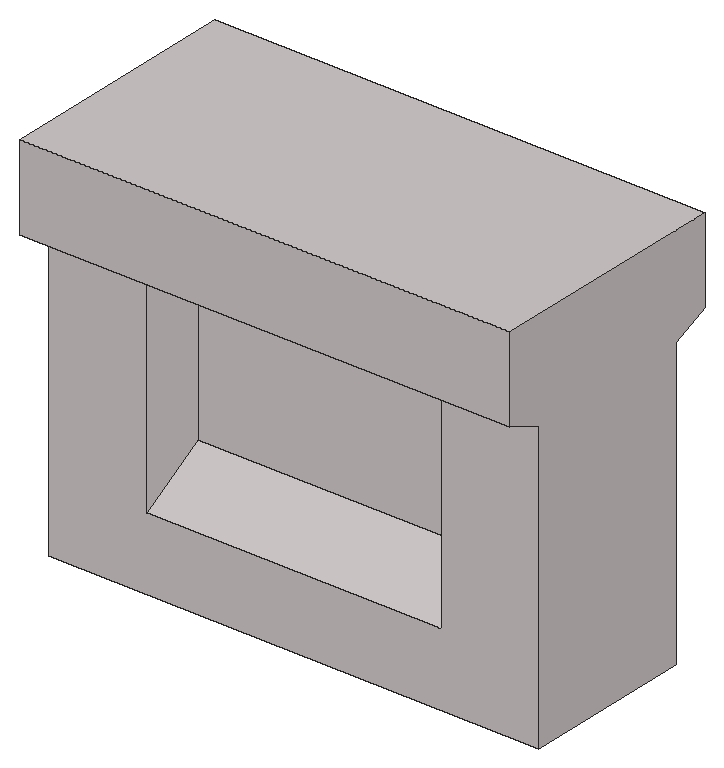
Revit family "e5faa062cfdb43aca74d8e3b99313aed", category Structural Framing, Revit 2021
Family settings
  Display in Hidden Views = Edges Hidden by Other Members
  Structural Framing Length Roundoff = 0' - 0"
  Section Shape = Not Defined
  Material for Model Behavior = Precast Concrete
  Always export as geometry = No
  OmniClass Number = 23.25.30.11.14.14
  OmniClass Title = Beams
  Seek Item ID = Precast-Girder I-Parallel-Support Strengthened-0000-USA-ENU
  Always vertical = Yes
  Cut with Voids When Loaded = No
  Symbolic Representation = From Family
  Shared = No
  Show family pre-cut in plan views = Yes
Parameters (values of type "32"x14"")
  Tie Rod Weight [instance] = 30
  Tie Rod W [instance] = (Tie Rod Weight) * 2.20313 kip / 1000  # 0.0660938 kip
  Structural Material [instance] = Concrete, Precast
  Single Rebar Weight [instance] = 50
  Single Rebar W [instance] = (Single Rebar Weight * 2.20313 kip) / 1000  # 0.110156 kip
  Rebar Grids Weight [instance] = 100
  Rebar Grids W [instance] = (Rebar Grids Weight * 2.20313 kip) / 1000  # 0.220313 kip
  Length 2 = 0' - 1"
  Length 1 = 0' - 8"
  D6 = 0' - 6"
  D5 = 0' - 4"
  D4 = 0' - 3"
  D3 = 0' - 7"
  B3 = 0' - 6"
  B1 = 1' - 2"
  Assembly Code = "B10"
  Length [instance] = 5' - 0"
  B2 = 1' - 8"
  D1 = 2' - 8"
Types (3): name | Length 2 | Length 1 | D5 | D4 | D3 | B3 | B1 | D1
  (no name) | 0' - 1" | 0' - 8" | 0' - 4" | 0' - 3" | 0' - 7" | 0' - 6" | 1' - 2" | 2' - 8"
  32"x14" | 0' - 1" | 0' - 8" | 0' - 4" | 0' - 3" | 0' - 7" | 0' - 6" | 1' - 2" | 2' - 8"
  36"x12" | 0' - 6" | 0' - 10" | 0' - 4 1/2" | 0' - 2" | 0' - 5" | 0' - 3 1/4" | 1' - 0" | 3' - 0"
Reference planes (in)
  plane 1 "Center (Front/Back)": y = 0
  plane 2: z = 0
  plane 3 "Center (Left/Right)": x = 0.1815
  plane 4 "Member Left": x = -19.92874
  plane 5 "Member Right": x = 20.33898
  plane 6: y = 10
  plane 7: y = -10
  plane 8 "D1": z = 16
  plane 9 "Bottom": z = -16
  plane 10 "Left": x = -29.8185
  plane 11 "Right": x = 30.1815
  plane 12: y = 7
  plane 13: y = -7
  plane 14: x = -11.92874
  plane 15: x = -10.92874
  plane 16: x = 12.33898
  plane 17: x = 11.33898
  plane 18: x = 0.20512
  plane 19: z = 9
  plane 20: y = 3
  plane 21: y = -3
  plane 22: z = 6
  plane 23 "D2": z = 16
  plane 24: z = 9
  plane 25: z = 6
  plane 26: z = -6
  plane 27: z = -10
  plane 28 "D7": z = 16
  plane 29 "D8": z = 16
Forms (in)
  Blend 1, solid, material "Concrete, Precast" <- "Structural Material"
    base sketch origin (0.1815, 0, 0) x (0, 1, 0) y (0, 0, 1)
      loop
        line (10, 16) -> (-10, 16) -> (-10, 9) -> (-3, 6) -> (3, 6) -> (10, 9) -> (10, 16)
    top sketch origin (0.1815, 0, 0) x (0, 1, 0) y (0, 0, 1)
      loop
        line (10, 16) -> (-10, 16) -> (-10, 9) -> (-3, 6) -> (3, 6) -> (10, 9) -> (10, 16)
    from 0.02362 to 20.15748
  Blend 2, solid, material "Concrete, Precast" <- "Structural Material"
    base sketch origin (16.90985, 0, 0) x (0, 1, 0) y (0, 0, -1)
      loop
        line (10, -16) -> (10, -9) -> (3, -6) -> (-3, -6) -> (-10, -9) -> (-10, -16) -> (10, -16)
    top sketch origin (16.90985, 0, 0) x (0, 1, 0) y (0, 0, -1)
      loop
        line (10, -16) -> (10, -9) -> (3, -6) -> (-3, -6) -> (-10, -9) -> (-10, -16) -> (10, -16)
    from 16.70472 to 36.83858
  Extrusion 3, solid, material "Concrete, Precast" <- "Structural Material"
    sketch origin (0.1815, 0, 0) x (0, 1, 0) y (0, 0, 1)
      loop
        line (7, -16) -> (7, -10) -> (3, -6) -> (-3, -6) -> (-7, -10) -> (-7, -16) -> (7, -16)
    from -20.11024 to 20.15748
  Blend 4, solid, material "Concrete, Precast" <- "Structural Material"
    base sketch origin (0.1815, 0, 0) x (0, 1, 0) y (0, 0, 1)
      loop
        line (7, -10) -> (7, 16) -> (-7, 16) -> (-7, -10) -> (7, -10)
    top sketch origin (0.1815, 0, 0) x (0, 1, 0) y (0, 0, 1)
      loop
        line (3, 16) -> (-3, 16) -> (-3, -6) -> (3, -6) -> (3, 16)
    from -12.11024 to -11.11024
  Blend 5, solid, material "Concrete, Precast" <- "Structural Material"
    base sketch origin (16.90985, 0, 0) x (0, 1, 0) y (0, 0, -1)
      loop
        line (7, 10) -> (-7, 10) -> (-7, -16) -> (7, -16) -> (7, 10)
    top sketch origin (16.90985, 0, 0) x (0, 1, 0) y (0, 0, -1)
      loop
        line (3, -16) -> (3, 6) -> (-3, 6) -> (-3, -16) -> (3, -16)
    from 4.57087 to 5.57087
  Blend 6, solid, material "Concrete, Precast" <- "Structural Material"
    base sketch origin (0.1815, 0, 0) x (0, 1, 0) y (0, 0, 1)
      loop
        line (3, 6) -> (-3, 6) -> (-3, -6) -> (3, -6) -> (3, 6)
    top sketch origin (0.1815, 0, 0) x (0, 1, 0) y (0, 0, 1)
      loop
        line (-3, -6) -> (3, -6) -> (3, 16) -> (-3, 16) -> (-3, -6)
    from 0.02362 to 11.15748
  Blend 7, solid, material "Concrete, Precast" <- "Structural Material"
    base sketch origin (16.90985, 0, 0) x (0, 1, 0) y (0, 0, -1)
      loop
        line (3, -6) -> (3, 6) -> (-3, 6) -> (-3, -6) -> (3, -6)
    top sketch origin (16.90985, 0, 0) x (0, 1, 0) y (0, 0, -1)
      loop
        line (-3, 6) -> (-3, -16) -> (3, -16) -> (3, 6) -> (-3, 6)
    from 16.70472 to 27.83858
  Blend 8, solid, material "Concrete, Precast" <- "Structural Material"
    base sketch origin (0.1815, 0, 0) x (0, 1, 0) y (0, 0, 1)
      loop
        line (7, 16) -> (-7, 16) -> (-7, -10) -> (7, -10) -> (7, 16)
    top sketch origin (0.1815, 0, 0) x (0, 1, 0) y (0, 0, 1)
      loop
        line (7, -10) -> (7, 16) -> (-7, 16) -> (-7, -10) -> (7, -10)
    from 12.15748 to 20.15748
  Blend 9, solid, material "Concrete, Precast" <- "Structural Material"
    base sketch origin (16.90985, 0, 0) x (0, 1, 0) y (0, 0, -1)
      loop
        line (7, -16) -> (7, 10) -> (-7, 10) -> (-7, -16) -> (7, -16)
    top sketch origin (16.90985, 0, 0) x (0, 1, 0) y (0, 0, -1)
      loop
        line (7, 10) -> (-7, 10) -> (-7, -16) -> (7, -16) -> (7, 10)
    from 28.83858 to 36.83858
Cuts and joins
  joined: Blend 1, Blend 2, Extrusion 3, Blend 4, Blend 5, Blend 6, Blend 7, Blend 8, Blend 9
Dimensions and locks (in)
  "B2": plane 6 to plane 7
  equal spacing: plane 9 "Bottom", plane 2, plane 8 "D1"
  equal spacing: plane 6, plane 1 "Center (Front/Back)", plane 7
  "D1": plane 9 "Bottom" to plane 8 "D1"
  "Length": plane 10 "Left" to plane 11 "Right"
  "B1": plane 12 to plane 13
  equal spacing: plane 12, plane 1 "Center (Front/Back)", plane 13
  "Length 2": plane 14 to plane 15
  "Length 2": plane 17 to plane 16
  equal spacing: plane 15, plane 18, plane 17
  equal spacing: plane 20, plane 1 "Center (Front/Back)", plane 21
  "B3": plane 20 to plane 21
  "D3": plane 8 "D1" to plane 19
  "D4": plane 19 to plane 22
  "D4": plane 24 to plane 25
  "D3": plane 23 "D2" to plane 24
  "D6": plane 9 "Bottom" to plane 27
  "D5": plane 27 to plane 26
  "Length 1": plane 4 "Member Left" to plane 14
  "Length 1": plane 16 to plane 5 "Member Right"
  aligned and locked: plane 8 "D1" to Blend 1 sketch curve
  aligned and locked: plane 7 to Blend 1 sketch curve  (x2)
  aligned and locked: Blend 1 sketch curve to plane 6  (x2)
  aligned and locked: plane 22 to Blend 1 sketch curve
  aligned and locked: plane 19 to Blend 1 sketch curve  (x2)
  aligned and locked: plane 21 to Blend 1 sketch curve  (x2)
  aligned and locked: plane 20 to Blend 1 sketch curve  (x2)
  aligned and locked: Blend 1 sketch curve to plane 23 "D2"
  aligned and locked: plane 25 to Blend 1 sketch curve
  aligned and locked: plane 24 to Blend 1 sketch curve  (x2)
  aligned and locked: Blend 1 to plane 18
  aligned and locked: plane 7 to Blend 2 sketch curve  (x2)
  aligned and locked: plane 8 "D1" to Blend 2 sketch curve
  aligned and locked: Blend 2 sketch curve to plane 6  (x2)
  aligned and locked: plane 22 to Blend 2 sketch curve
  aligned and locked: plane 19 to Blend 2 sketch curve  (x2)
  aligned and locked: plane 21 to Blend 2 sketch curve  (x2)
  aligned and locked: plane 20 to Blend 2 sketch curve  (x2)
  aligned and locked: Blend 2 sketch curve to plane 23 "D2"
  aligned and locked: plane 25 to Blend 2 sketch curve
  aligned and locked: plane 24 to Blend 2 sketch curve  (x2)
  aligned and locked: plane 18 to Blend 2
  aligned and locked: Extrusion 3 sketch curve to plane 26
  aligned and locked: plane 9 "Bottom" to Extrusion 3 sketch curve
  aligned and locked: plane 27 to Extrusion 3 sketch curve  (x2)
  aligned and locked: plane 20 to Extrusion 3 sketch curve
  aligned and locked: Extrusion 3 sketch curve to plane 21
  aligned and locked: plane 20 to Blend 4 sketch curve
  aligned and locked: Blend 4 sketch curve to plane 28 "D7"
  aligned and locked: Blend 4 sketch curve to plane 26
  aligned and locked: Blend 4 sketch curve to Extrusion 3
  aligned and locked: plane 15 to Blend 4
  aligned and locked: plane 17 to Blend 5
  aligned and locked: plane 27 to Blend 5 sketch curve
  aligned and locked: plane 28 "D7" to Blend 5 sketch curve
  aligned and locked: Blend 5 sketch curve to plane 26
  aligned and locked: Blend 5 sketch curve to plane 20
  aligned and locked: Blend 5 sketch curve to plane 21
  aligned and locked: Blend 4 to plane 14
  aligned and locked: Blend 5 to plane 16
  aligned and locked: plane 20 to Blend 6 sketch curve
  aligned and locked: Blend 6 sketch curve to plane 22
  aligned and locked: Blend 6 sketch curve to plane 26  (x2)
  aligned and locked: Blend 6 sketch curve to Extrusion 3
  aligned and locked: var sketch to Blend 6 sketch curve
  aligned and locked: plane 28 "D7" to Blend 6 sketch curve
  aligned and locked: Blend 6 sketch curve to plane 20
  aligned and locked: Blend 6 to plane 17
  aligned and locked: Blend 6 to plane 18
  aligned and locked: Blend 7 sketch curve to var sketch
  aligned and locked: plane 18 to Blend 7
  aligned and locked: Blend 7 to plane 15
  aligned and locked: Blend 7 sketch curve to plane 21  (x2)
  aligned and locked: Blend 7 sketch curve to plane 22
  aligned and locked: Blend 7 sketch curve to plane 20  (x2)
  aligned and locked: Blend 7 sketch curve to plane 26  (x2)
  aligned and locked: plane 28 "D7" to Blend 7 sketch curve
  aligned and locked: plane 29 "D8" to Blend 8 sketch curve
  aligned and locked: Blend 8 sketch curve to plane 27
  aligned and locked: Blend 8 sketch curve to var sketch
  aligned and locked: Blend 1 to Blend 8 sketch curve
  aligned and locked: plane 16 to Blend 8
  aligned and locked: Blend 5 sketch curve to plane 29 "D8"
  aligned and locked: Blend 9 sketch curve to var sketch
  aligned and locked: plane 14 to Blend 9
  aligned and locked: plane 29 "D8" to Blend 9 sketch curve
  aligned and locked: Blend 9 sketch curve to plane 27
  aligned and locked: plane 23 "D2" to Blend 9 sketch curve
  aligned and locked: Blend 4 sketch curve to plane 29 "D8"
  aligned and locked: Extrusion 3 sketch curve to plane 12
  aligned and locked: Extrusion 3 sketch curve to plane 13
  aligned and locked: plane 13 to Extrusion 3 sketch curve
  aligned and locked: plane 13 to Blend 8 sketch curve
  aligned and locked: Blend 8 sketch curve to plane 12
  aligned and locked: plane 12 to Blend 8 sketch curve
  aligned and locked: Blend 8 sketch curve to plane 13
  aligned and locked: Blend 9 sketch curve to plane 13
  aligned and locked: plane 12 to Blend 9 sketch curve
  aligned and locked: Blend 9 sketch curve to plane 12
  aligned and locked: plane 13 to Blend 9 sketch curve
  aligned and locked: plane 13 to Blend 4 sketch curve
  aligned and locked: Blend 4 sketch curve to plane 12
  aligned and locked: plane 27 to Blend 4 sketch curve
  aligned and locked: plane 13 to Blend 5 sketch curve
  aligned and locked: Blend 5 sketch curve to plane 12
  aligned and locked: plane 23 "D2" to plane 8 "D1"
  aligned and locked: plane 8 "D1" to plane 29 "D8"
  aligned and locked: plane 8 "D1" to plane 28 "D7"
  aligned and locked: plane 2 to level
  aligned and locked: Extrusion 3 to plane 5 "Member Right"
  aligned and locked: plane 4 "Member Left" to Extrusion 3
  aligned and locked: Blend 1 to plane 5 "Member Right"
  aligned and locked: plane 4 "Member Left" to Blend 2
  aligned and locked: Blend 8 to plane 5 "Member Right"
  aligned and locked: plane 4 "Member Left" to Blend 9
